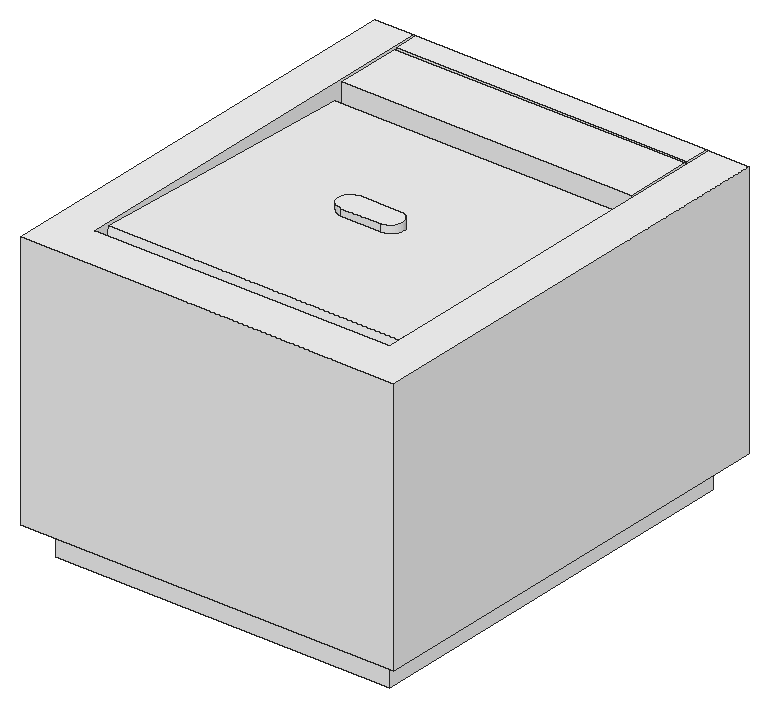
Revit family "Gira_027230", category Electrical Fixtures, host Face, Revit 2017
Family settings
  Host = Face
  Maintain Annotation Orientation = Yes
  Round Connector Dimension = Use Diameter
  Part Type = Normal
  Cut with Voids When Loaded = No
  Shared = No
  Room Calculation Point = No
Parameters (values of type "Hous. in.sp. btns Ø 22.5 mm WP surface-mounted grey")
  White [instance] = White
  URL = "http://katalog.gira.de/en/datenblatt.html?artikelnr=027230"
  Transparent = "No"
  Name = "Hous. in.sp. btns Ø 22.5 mm WP surface-mounted grey"
  Manufacturer URL = "https://www.gira.de/"
  Manufacturer = "Gira"
  HeinzeBIM = "https://bimportal.heinze.de/bim/hous-in-sp-btns-22-5-mm-wp-surface-mounted-grey/e7e8bd30622ac9b0524dc152e5cce17e02eeafb9"
  HAN = "027230"
  GTIN = "4010337272304"
  Description = "Hous.in.sp.btns D22.5mm WP SM GY,Housing with inscription space for the insertion of command and signal devices (diameter 22.5 mm),,grey,"
  Default Elevation = 1219.2 mm
  Data sheet (1) = "https://katalog.gira.de/en/download.html?artikelnr=027230"
  Category = "Insert/cover for communication technology"
  BIM (1) = "https://media.stage.bim.site/public/gira/36a6b08/IP44_Komplettgerät_Schalten und Tasten.rfa?public/gira/36a6b08/IP44_Komplettgerät_Schalten und Tasten.rfa"
  Available = "No"
Reference planes
  plane 1 "Center (Front/Back)": y = 0
  plane 2: z = 0
  plane 3 "Center (Left/Right)": x = 0
  plane 4: x = 30
  plane 5: x = -30
  plane 6: z = 41.4
Forms (mm)
  Extrusion 1, solid, material "White" <- "White", detail levels medium+fine
    sketch origin (0, 0, 0) x (1, 0, 0) y (0, 1, 0)
      loop
        line (-34, 41) -> (-34, -41) -> (34, -41) -> (34, 41) -> (-34, 41)
    from 0 to -6.2
  Extrusion 2, solid, material "White" <- "White", detail levels medium+fine
    sketch origin (0, 0, 0) x (1, 0, 0) y (0, 1, 0)
      loop
        line (-38, 45) -> (-38, -45) -> (38, -45) -> (38, 45) -> (-38, 45)
    from 0 to 52.4
  Extrusion 3, void
    sketch origin (0, 0, 0) x (1, 0, 0) y (0, 0, 1)
      loop
        line (-30, 59.413) -> (-30, 41.4) -> (30, 41.4) -> (30, 59.413) -> (-30, 59.413)
    from 36 to -113.06
  Extrusion 4, solid, material "White" <- "White", detail levels medium
    sketch origin (225, 0, 0) x (1, 0, 0) y (0, 1, 0)
      loop
        line (-254.5, 44.5) -> (-254.5, -35.5) -> (-195.5, -35.5) -> (-195.5, 44.5) -> (-254.5, 44.5)
    from 41.4 to 52.4
  Extrusion 5, solid, material "White" <- "White", detail levels fine
    sketch origin (0, 0, 0) x (1, 0, 0) y (0, 1, 0)
      loop
        line (-29.5, 45) -> (-29.5, 40) -> (29.5, 40) -> (29.5, 45) -> (-29.5, 45)
    from 41.4 to 52.4
  Extrusion 6, solid, material "White" <- "White", detail levels fine
    sketch origin (0, 0, 0) x (1, 0, 0) y (0, 1, 0)
      loop
        line (29.5, 39.5) -> (-29.5, 39.5) -> (-29.5, 26) -> (29.5, 26) -> (29.5, 39.5)
    from 41.4 to 52.4
  Extrusion 7, solid, material "White" <- "White", detail levels fine
    sketch origin (0, 0, 0) x (1, 0, 0) y (0, 1, 0)
      loop
        arc (-4, -1) -> (-6.5, -3.5) -> (-4, -6) r 2.5
        line (-4, -6) -> (4, -6)
        arc (4, -6) -> (6.5, -3.5) -> (4, -1) r 2.5
        line (4, -1) -> (-4, -1)
    from 41.4 to 52.4
  Extrusion 8, solid, material "White" <- "White", detail levels coarse
    sketch origin (0, 0, 0) x (1, 0, 0) y (0, 1, 0)
      loop
        line (-38, 46) -> (-38, -45) -> (38, -45) -> (38, 46) -> (-38, 46)
    from -6.2 to 52.4
  Extrusion 9, solid, material "White" <- "White", detail levels medium+fine
    sketch origin (0, 0, 0) x (1, 0, 0) y (0, 0, 1)
      loop
        circle (0, 14) r 3.6
    from -46 to -45
  Extrusion 10, solid, material "White" <- "White", detail levels fine
    sketch origin (0, 0, 0) x (0, 1, 0) y (0, 0, 1)
      loop
        line (-36, 41.4) -> (26, 41.4) -> (24.38, 49.736) -> (-33.115, 52.169) -> (-36, 41.4)
    from -29.5 to 29.5
Cuts and joins
  Extrusion 3 cuts Extrusion 2
Dimensions and locks
  aligned and locked: plane 2 to host face
  aligned and locked: level to host face
  aligned and locked: plane 3 "Center (Left/Right)" to nested 1
  aligned and locked: plane 1 "Center (Front/Back)" to nested 1
Nested families
  nested 1: "Schalter" at (0, 0, 0), type "Schalter"
Connectors
  electrical at (0, 0, -6.2)
    settings: on Extrusion 1, index 1, voltage 224 V, apparent load 0 VA, apparent load phase1 0 VA, apparent load phase2 0 VA, apparent load phase3 0 VA, power factor 1, load classification "Other", number of poles 1, system type 30, power factor state 1, is connector primary yes, connector utility no, sub classification motor no, connector description ""
Definition of nested family "Schalter"
  Reference planes
    plane 1: y = 0
    plane 2: x = 0
  Lines and regions (mm)
    detail lines
      curve 1: circle (1.375, 2.778, 0) r 0.8 normal (0, 0, 1)
      curve 2: line (1.021, 2.061, 0) -> (0, 0, 0)
      curve 3: line (0, 0, 0) -> (-0.538, 0.266, 0)
  Dimensions and locks
    curve 2 to curve 2 = 2.3 mm
    curve 3 to curve 2 = 0.6 mm
    radius of curve 1 = 0.8 mm
